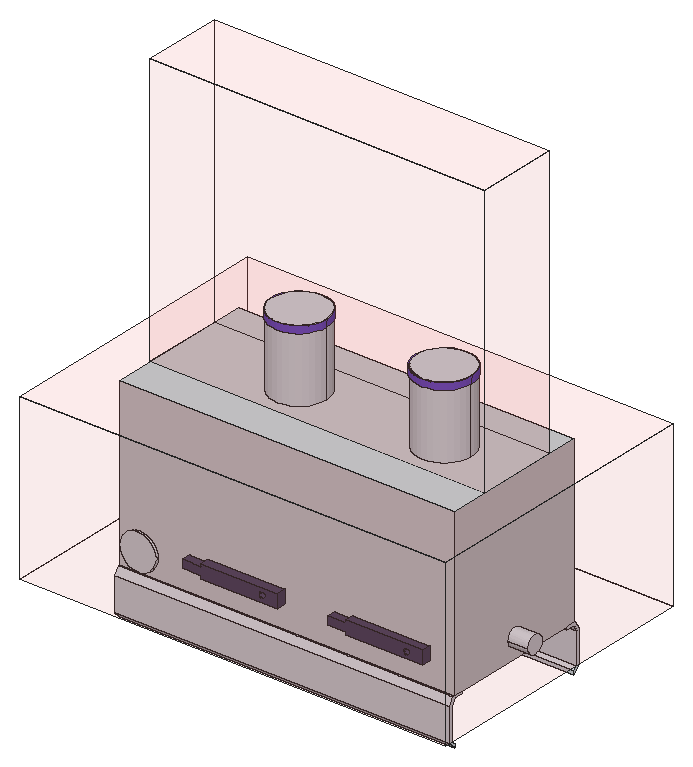
Revit family "DATABAR Double Outlet Tap Off Unit", category Electrical Equipment, host Face, Revit 2018
Family settings
  Host = Face
  Panel Configuration = Two Columns, Circuits Across
  Round Connector Dimension = Use Diameter
  Part Type = Panelboard
  OmniClass Number = 23.80.30.11.17
  OmniClass Title = Distribution Boards and Control Panels
  Cut with Voids When Loaded = No
  Shared = No
  Room Calculation Point = No
Parameters (values of type "Double Outlet 63A - TP&Meter")
  Version = "A"  # constant formula
  URL = "https://anordmardix.com/products/iec/busbar-busway/databar/"
  Tier 3 [instance] = no
  Tier 2 [instance] = no
  Tier 1 [instance] = no
  Manufacturer = "Anord Mardix"  # constant formula
  Handle 3 Visible = yes
  Handle 2 Visible = no
  Handle 1 Visible = yes
  Description = "Tap Off Unit, Double Outlet, 32A, TP&Meter"
  Default Elevation = 0 mm
  Databar System Name [instance] = ""
  Clearance Distance [instance] = 50 mm  # constant formula
  Clearance Area [instance] = yes
  AMG_Tap_Off_Width = 165 mm  # constant formula
  AMG_Tap_Off_Socket_Height = 80 mm
  AMG_Tap_Off_Length = 370 mm
  AMG_Tap_Off_Height = 182 mm
  AMG_Socket2 Dist = 130 mm
  AMG_Socket1 Dist = 80 mm
Types (12, lengths in mm): name | Handle 3 Visible | Handle 2 Visible | Description | AMG_Tap_Off_Socket_Height | AMG_Tap_Off_Length | AMG_Tap_Off_Height | AMG_Socket2 Dist | AMG_Socket1 Dist
  Double Outlet 16A - SP | no | yes | "Tap Off Unit, Double Outlet, 16A, SP" | 55 | 290 | 98 | 100 | 50
  Double Outlet 32A - SP | no | yes | "Tap Off Unit, Double Outlet, 32A, SP" | 64 | 290 | 98 | 100 | 50
  Double Outlet 63A - SP | no | yes | "Tap Off Unit, Double Outlet, 63A, SP" | 80 | 290 | 98 | 100 | 50
  Double Outlet 16A - TP | yes | no | "Tap Off Unit, Double Outlet, 16A, TP" | 55 | 370 | 98 | 130 | 80
  Double Outlet 32A - TP | yes | no | "Tap Off Unit, Double Outlet, 32A, TP" | 64 | 370 | 98 | 130 | 80
  Double Outlet 63A - TP | yes | no | "Tap Off Unit, Double Outlet, 63A, TP" | 80 | 370 | 98 | 130 | 80
  Double Outlet 16A - SP&Meter | yes | no | "Tap Off Unit, Double Outlet, 16A, SP&Meter" | 55 | 370 | 98 | 130 | 80
  Double Outlet 32A - SP&Meter | yes | no | "Tap Off Unit, Double Outlet, 32A, SP&Meter" | 64 | 370 | 98 | 130 | 80
  Double Outlet 63A - SP&Meter | yes | no | "Tap Off Unit, Double Outlet, 63A, SP&Meter" | 80 | 370 | 98 | 130 | 80
  Double Outlet 16A - TP&Meter | yes | no | "Tap Off Unit, Double Outlet, 16A, TP&Meter" | 55 | 370 | 182 | 130 | 80
  Double Outlet 32A - TP&Meter | yes | no | "Tap Off Unit, Double Outlet, 32A, TP&Meter" | 64 | 370 | 182 | 130 | 80
  Double Outlet 63A - TP&Meter | yes | no | "Tap Off Unit, Double Outlet, 32A, TP&Meter" | 80 | 370 | 182 | 130 | 80
Reference planes
  plane 1 "Center (Front/Back)": y = 0
  plane 2: z = 0
  plane 3 "Center (Left/Right)": x = 0
  plane 4: x = 370
  plane 5: y = 165
  plane 6: z = 182
  plane 7: x = 290
  plane 8: x = 130
  plane 9: z = 262
  plane 10: x = 420
  plane 11: x = -50
  plane 12: z = 312
  plane 13: x = 42
  plane 14: z = 23
  plane 15: x = 393
  plane 16: x = 185
Forms (mm)
  Extrusion 1, solid, material "AMG_Casing"
    sketch origin (0, 0, 0) x (1, 0, 0) y (0, 1, 0)
      loop
        line (0, 0) -> (370, 0) -> (370, 165) -> (0, 165) -> (0, 0)
    from 0 to 182
  Extrusion 2, solid, detail levels fine
    sketch origin (0.936, 82.5, -50.125) x (0, 1, 0) y (0, 0, 1)
      loop
        line (82.5, 2.316) -> (82.5, -1.277) -> (89.248, 5.471) -> (89.248, 41.814) -> (84.449, 50.125) -> (72.919, 50.125) -> (72.919, 47.72) -> (82.044, 47.72) -> (86.092, 40.709) -> (86.092, 5.908) -> (82.5, 2.316)
      loop
        line (-82.5, 2.316) -> (-86.092, 5.908) -> (-86.092, 40.709) -> (-82.044, 47.72) -> (-72.919, 47.72) -> (-72.919, 50.125) -> (-84.449, 50.125) -> (-89.248, 41.814) -> (-89.248, 5.471) -> (-82.5, -1.277) -> (-82.5, 2.316)
    from -0.936 to 369.064
  Extrusion 3, solid
    sketch origin (105.392, 0, 0.196) x (1, 0, 0) y (0, 0, 1)
      loop
        circle (-83.392, 21.055) r 20
    from 0 to 2
  Extrusion 4, solid
    sketch origin (0, -10.293, -12.172) x (0, 1, 0) y (0, 0, 1)
      loop
        circle (92.791, 35.172) r 9.6
    from 370 to 393
Dimensions and locks
  "AMG_Tap_Off_Length": plane 3 "Center (Left/Right)" to plane 4
  "AMG_Tap_Off_Width": plane 5 to plane 1 "Center (Front/Back)"
  "AMG_Tap_Off_Height": plane 6 to level
  "AMG_Socket1 Dist": plane 4 to plane 7
  "AMG_Socket2 Dist": plane 8 to plane 3 "Center (Left/Right)"
  "AMG_Tap_Off_Socket_Height": plane 9 to plane 6
  "Clearance Distance": plane 4 to plane 10
  "Clearance Distance": plane 11 to plane 3 "Center (Left/Right)"
  "Clearance Distance": plane 12 to plane 9
  locked: plane 13 to plane 3 "Center (Left/Right)" at 42
  locked: plane 4 to plane 15 at 23
  equal spacing: plane 3 "Center (Left/Right)", plane 16, plane 4
  aligned and locked: plane 2 to host face
  aligned and locked: level to host face
  aligned and locked: Extrusion 1 to plane 3 "Center (Left/Right)"
  aligned and locked: Extrusion 1 to plane 4
  aligned and locked: plane 5 to Extrusion 1
  aligned and locked: plane 6 to Extrusion 1
  aligned and locked: Extrusion 2 to plane 4
  aligned and locked: Extrusion 2 to plane 3 "Center (Left/Right)"
  aligned and locked: plane 8 to nested 1
  aligned and locked: nested 1 to plane 6
  aligned and locked: plane 7 to nested 2
  aligned and locked: nested 3 to plane 8
  aligned and locked: nested 3 to plane 1 "Center (Front/Back)"
  aligned and locked: nested 2 to plane 6
  aligned and locked: nested 4 to plane 8
  aligned and locked: nested 5 to plane 7
  aligned and locked: text3d elem to plane 7
  aligned and locked: text3d elem to text3d elem
  aligned and locked: plane 11 to nested 6
  aligned and locked: nested 6 to plane 10
  aligned and locked: plane 6 to nested 6
  aligned and locked: nested 7 to plane 6
  aligned and locked: nested 7 to plane 4
  aligned and locked: plane 13 to Extrusion 3
  aligned and locked: plane 14 to Extrusion 4
  aligned and locked: Extrusion 4 to plane 15
  aligned and locked: plane 4 to Extrusion 4
  aligned and locked: plane 3 "Center (Left/Right)" to nested 8
  aligned and locked: plane 3 "Center (Left/Right)" to nested 9
  aligned and locked: plane 3 "Center (Left/Right)" to nested 10
  aligned and locked: nested 8 to plane 4
  aligned and locked: nested 9 to plane 4
  aligned and locked: nested 10 to plane 4
  aligned and locked: plane 8 to nested 11
  aligned and locked: plane 7 to nested 12
Automatic sketch dimensions
  host sketch curve to host sketch curve = 2438.4 mm
  host sketch curve to host sketch curve = 165 mm
  Extrusion 1 sketch curve to plane 3 "Center (Left/Right)" = 0 mm
  Extrusion 1 sketch curve to plane 4 = 0 mm
  plane 1 "Center (Front/Back)" to Extrusion 1 sketch curve = 0 mm
  Extrusion 1 sketch curve to plane 5 = 0 mm
  plane 1 "Center (Front/Back)" to Extrusion 2 sketch curve = 6.748 mm
  Extrusion 2 sketch curve to Extrusion 2 sketch curve = 3.156 mm  (x2)
  level to Extrusion 2 sketch curve = 0 mm  (x2)
  plane 1 "Center (Front/Back)" to Extrusion 2 sketch curve = 1.949 mm
  Extrusion 2 sketch curve to plane 1 "Center (Front/Back)" = 0 mm
  Extrusion 2 sketch curve to plane 1 "Center (Front/Back)" = 0.456 mm
  Extrusion 2 sketch curve to Extrusion 2 sketch curve = 9.125 mm
  Extrusion 2 sketch curve to plane 5 = 9.581 mm
  Extrusion 2 sketch curve to plane 5 = 0.456 mm
  plane 5 to Extrusion 2 sketch curve = 0 mm
  plane 5 to Extrusion 2 sketch curve = 1.949 mm
  plane 5 to Extrusion 2 sketch curve = 3.592 mm
  Extrusion 2 sketch curve to level = 2.405 mm  (x2)
  Extrusion 2 sketch curve to level = 8.311 mm  (x2)
  Extrusion 2 sketch curve to Extrusion 2 sketch curve = 1.105 mm  (x2)
  Extrusion 2 sketch curve to Extrusion 2 sketch curve = 34.802 mm  (x2)
  Extrusion 2 sketch curve to Extrusion 2 sketch curve = 0.437 mm  (x2)
  Extrusion 2 sketch curve to Extrusion 2 sketch curve = 3.592 mm  (x2)
  Extrusion 2 sketch curve to Extrusion 2 sketch curve = 3.593 mm  (x2)
  plane 3 "Center (Left/Right)" to Extrusion 3 sketch curve = 22 mm
  level to Extrusion 3 sketch curve = 21.25 mm
  level to Extrusion 4 sketch curve = 23 mm
  Extrusion 4 sketch curve to plane 5 = 82.502 mm
  radius of Extrusion 3 sketch curve = 20 mm
  radius of Extrusion 4 sketch curve = 9.6 mm
Nested families
  nested 1: "Commando Socket" at (130, 85.419, 182), AMG_Tap_Off_Socket_Height <- "AMG_Tap_Off_Socket_Height", type "Commando Socket"
    with AMG_Tap_Off_Socket_Height 80 mm
  nested 2: "Commando Socket" at (290, 85.419, 182), AMG_Tap_Off_Socket_Height <- "AMG_Tap_Off_Socket_Height", type "Commando Socket"
    with AMG_Tap_Off_Socket_Height 80 mm
  nested 3: "Tap off Handle" at (77.5, -9.765, 25), visible <- "Handle 1 Visible", type "Tap off Handle", detail levels medium+fine
  nested 4: "Tap off Handle" at (77.5, -9.765, 41.25), visible <- "Handle 2 Visible", type "Tap off Handle", detail levels medium+fine
  nested 5: "Tap off Handle" at (237.5, -9.765, 25), visible <- "Handle 3 Visible", type "Tap off Handle", detail levels medium+fine
  nested 6: "AMG_Clearance Zone" at (-50, -75, 182), Clearance Height <- "AMG_Tap_Off_Height", type "AMG_Clearance Zone"
    with Clearance Width 470 mm, Clearance Height 182 mm, Clearance Depth 314.917 mm
  nested 7: "AMG_Clearance Zone" at (0, 42.049, 482), Clearance Width <- "AMG_Tap_Off_Length", type "AMG_Clearance Zone"
    with Clearance Width 370 mm, Clearance Height 300 mm, Clearance Depth 89.097 mm
  nested 8: "Tier 1 Symbol" at (185, 82.5, 0), visible <- "Tier 1", type "Tier 1 Symbol"
    with Symbol Width 165 mm, Symbol Length 370 mm
  nested 9: "Tier 2 Symbol" at (185, 82.5, 0), visible <- "Tier 2", type "Tier 2 Symbol"
    with Symbol Width 165 mm, Symbol Length 370 mm
  nested 10: "Tier 3 Symbol" at (185, 82.5, 0), visible <- "Tier 3", type "Tier 3 Symbol"
    with Symbol Width 165 mm, Symbol Length 370 mm
  nested 11: "Single Commando symbol" at (130, 45, 0), type "Single Commando symbol"
    with Symbol Width 400 mm, Symbol Length 1320 mm
  nested 12: "Single Commando symbol" at (290, 45, 0), type "Single Commando symbol"
    with Symbol Width 400 mm, Symbol Length 1320 mm
Connectors
  electrical at (130, 85.419, 262)
    settings: on nested 1, index 1, voltage 0 V, apparent load 0 VA, apparent load phase1 0 VA, apparent load phase2 0 VA, apparent load phase3 0 VA, power factor 1, load classification "Other", number of poles 1, system type 31, power factor state 1, is connector primary yes, connector utility no, sub classification motor no, connector description ""
  electrical at (290, 85.419, 262)
    settings: on nested 2, index 2, voltage 0 V, apparent load 0 VA, apparent load phase1 0 VA, apparent load phase2 0 VA, apparent load phase3 0 VA, power factor 1, load classification "Other", number of poles 1, system type 31, power factor state 1, is connector primary no, connector utility no, sub classification motor no, connector description ""
Definition of nested family "Commando Socket"
  Parameters (values of type "Commando Socket")
    AMG_Tap_Off_Socket_Height [instance] = 305.003 mm
    AMG_Tap_Off_Commando_Blue = none
  Reference planes
    plane 1 "Center (Front/Back)": y = 0
    plane 2: z = 0
    plane 3 "Center (Left/Right)": x = 0
    plane 4: z = 305.003
  Forms (mm)
    Extrusion 1, solid
      sketch origin (0, 0, 0) x (1, 0, 0) y (0, 1, 0)
        loop
          circle (0, 0) r 30
      from 0 to 305.003
    Extrusion 2, solid
      sketch origin (0, 0, 0) x (1, 0, 0) y (0, 1, 0)
        loop
          circle (0, 0) r 31
      from 297.567 to 305.003
  Lines and regions (mm)
    reference lines
      curve 1: line (0, 30, 0) -> (0, -31, 0)
      curve 2: line (0, 0, 305.003) -> (0, 0, 0)
  Dimensions and locks
    "AMG_Tap_Off_Socket_Height": plane 4 to level
    locked: plane 4 to Extrusion 2 at 7.436
    aligned and locked: level to plane 2
    aligned and locked: plane 4 to Extrusion 1
    aligned and locked: plane 4 to Extrusion 2
    aligned and locked: plane 4 to curve 2
  Automatic sketch dimensions
    plane 1 "Center (Front/Back)" to Extrusion 1 sketch curve = 0 mm
    Extrusion 1 sketch curve to plane 3 "Center (Left/Right)" = 0 mm
    curve 2 to level = 0 mm
    curve 2 to plane 3 "Center (Left/Right)" = 0 mm
    plane 1 "Center (Front/Back)" to Extrusion 2 sketch curve = 0 mm
    Extrusion 2 sketch curve to plane 3 "Center (Left/Right)" = 0 mm
    curve 1 to plane 3 "Center (Left/Right)" = 0 mm
    plane 1 "Center (Front/Back)" to curve 1 = 31 mm
    curve 1 to plane 1 "Center (Front/Back)" = 30 mm
    radius of Extrusion 1 sketch curve = 30 mm
    radius of Extrusion 2 sketch curve = 31 mm
Definition of nested family "Tap off Handle"
  Reference planes
    plane 1 "Center (Front/Back)": y = 0
    plane 2: z = 0
    plane 3 "Center (Left/Right)": x = 0
  Forms (mm)
    Extrusion 1, solid, detail levels fine
      sketch origin (113.026, 93.258, -23.535) x (-1, 0, 0) y (0, 0, -1)
        loop
          line (8.026, -23.535) -> (8.026, -38.535) -> (92.622, -38.535) -> (92.622, -35.491) -> (113.026, -35.491) -> (113.026, -26.579) -> (92.622, -26.579) -> (92.622, -23.535) -> (8.026, -23.535)
        loop
          circle (24.973, -30.879) r 3.46
      from 83.493 to 93.258
  Lines and regions (mm)
    reference lines
      curve 1: line (52.5, 9.765, 0) -> (52.5, 0, 0)
      curve 2: line (0, 0, 7.5) -> (105, 0, 7.5)
  Dimensions and locks
    aligned and locked: level to plane 2
Definition of nested family "AMG_Clearance Zone"
  Parameters (values of type "AMG_Clearance Zone")
    Clearance Width [instance] = 1768.367 mm
    Clearance Height [instance] = 1507.908 mm
    Clearance Depth [instance] = 1507.908 mm
  Reference planes
    plane 1 "Center (Front/Back)": y = 0
    plane 2: z = 0
    plane 3 "Center (Left/Right)": x = 0
    plane 4: x = 1768.367
    plane 5: y = 1507.908
    plane 6: z = -1507.908
  Forms (mm)
    Extrusion 1, solid
      sketch origin (0, 0, 0) x (1, 0, 0) y (0, 1, 0)
        loop
          line (0, 0) -> (1768.367, 0) -> (1768.367, 1507.908) -> (0, 1507.908) -> (0, 0)
      from 0 to -1507.908
  Dimensions and locks
    "Clearance Height": level to plane 6
    "Clearance Width": plane 4 to plane 3 "Center (Left/Right)"
    "Clearance Depth": plane 5 to plane 1 "Center (Front/Back)"
    aligned and locked: level to plane 2
    aligned and locked: plane 1 "Center (Front/Back)" to Extrusion 1 sketch curve
    aligned and locked: Extrusion 1 sketch curve to plane 3 "Center (Left/Right)"
    aligned and locked: plane 5 to Extrusion 1
    aligned and locked: Extrusion 1 to plane 4
    aligned and locked: plane 6 to Extrusion 1
  Automatic sketch dimensions
    Extrusion 1 sketch curve to plane 4 = 0 mm
    Extrusion 1 sketch curve to plane 5 = 0 mm
Definition of nested family "Tier 1 Symbol"
  Parameters (values of type "Tier 1 Symbol")
    Symbol Width [instance] = 400 mm
    Symbol Length [instance] = 1320 mm
  Reference planes
    plane 1 "Center (Front/Back)": y = 0
    plane 2: z = 0
    plane 3 "Center (Left/Right)": x = 0
    plane 4: y = 200
    plane 5: y = -200
    plane 6: x = -660
    plane 7: x = 660
  Lines and regions (mm)
    Filled region 1, type "Solid", in view "Ref. Level"
      outline origin (0, 0, 0) x (1, 0, 0) y (0, 1, 0)
        loop
          line (-660, 200) -> (-660, -200) -> (660, -200) -> (660, 200) -> (-660, 200)
    detail lines, in view "Ref. Level"
      curve 1: line (-660, 200, 0) -> (660, 200, 0)
      curve 2: line (-660, -200, 0) -> (-660, 200, 0)
      curve 3: line (660, -200, 0) -> (-660, -200, 0)
      curve 4: line (660, 200, 0) -> (660, -200, 0)
  Dimensions and locks
    equal spacing: plane 4, plane 1 "Center (Front/Back)", plane 5
    "Symbol Length": plane 6 to plane 7
    equal spacing: plane 6, plane 3 "Center (Left/Right)", plane 7
    "Symbol Width": plane 4 to plane 5
    aligned and locked: plane 7 to Filled region 1
    aligned and locked: Filled region 1 to plane 5
    aligned and locked: Filled region 1 to plane 6
    aligned and locked: plane 4 to Filled region 1
    aligned and locked: plane 6 to curve 2
    aligned and locked: curve 4 to plane 7
    aligned and locked: plane 5 to curve 3
    aligned and locked: curve 1 to plane 4
  Automatic sketch dimensions
    plane 5 to Filled region 1 sketch curve = 0 mm
    Filled region 1 sketch curve to plane 3 "Center (Left/Right)" = 660 mm
    Filled region 1 sketch curve to plane 7 = 0 mm
    Filled region 1 sketch curve to plane 4 = 0 mm
Definition of nested family "Tier 2 Symbol"
  Parameters (values of type "Tier 2 Symbol")
    Symbol Width [instance] = 400 mm
    Symbol Length [instance] = 1320 mm
  Reference planes
    plane 1 "Center (Front/Back)": y = 0
    plane 2: z = 0
    plane 3 "Center (Left/Right)": x = 0
    plane 4: y = 200
    plane 5: y = -200
    plane 6: x = -660
    plane 7: x = 660
  Lines and regions (mm)
    Filled region 1, type "Tier 2", in view "Ref. Level"
      outline origin (0, 0, 0) x (1, 0, 0) y (0, 1, 0)
        loop
          line (-660, 200) -> (-660, -200) -> (660, -200) -> (660, 200) -> (-660, 200)
    detail lines, in view "Ref. Level"
      curve 1: line (-660, 200, 0) -> (660, 200, 0)
      curve 2: line (-660, -200, 0) -> (-660, 200, 0)
      curve 3: line (660, -200, 0) -> (-660, -200, 0)
      curve 4: line (660, 200, 0) -> (660, -200, 0)
  Dimensions and locks
    equal spacing: plane 4, plane 1 "Center (Front/Back)", plane 5
    "Symbol Length": plane 6 to plane 7
    equal spacing: plane 6, plane 3 "Center (Left/Right)", plane 7
    "Symbol Width": plane 4 to plane 5
    aligned and locked: plane 7 to Filled region 1
    aligned and locked: Filled region 1 to plane 5
    aligned and locked: Filled region 1 to plane 6
    aligned and locked: plane 4 to Filled region 1
    aligned and locked: plane 6 to curve 2
    aligned and locked: curve 4 to plane 7
    aligned and locked: plane 5 to curve 3
    aligned and locked: curve 1 to plane 4
  Automatic sketch dimensions
    plane 5 to Filled region 1 sketch curve = 0 mm
    Filled region 1 sketch curve to plane 3 "Center (Left/Right)" = 660 mm
    Filled region 1 sketch curve to plane 7 = 0 mm
    Filled region 1 sketch curve to plane 4 = 0 mm
Definition of nested family "Tier 3 Symbol"
  Parameters (values of type "Tier 3 Symbol")
    Symbol Width [instance] = 400 mm
    Symbol Length [instance] = 1320 mm
  Reference planes
    plane 1 "Center (Front/Back)": y = 0
    plane 2: z = 0
    plane 3 "Center (Left/Right)": x = 0
    plane 4: y = 200
    plane 5: y = -200
    plane 6: x = -660
    plane 7: x = 660
  Lines and regions (mm)
    Filled region 1, type "Tier 3", in view "Ref. Level"
      outline origin (0, 0, 0) x (1, 0, 0) y (0, 1, 0)
        loop
          line (-660, 200) -> (-660, -200) -> (660, -200) -> (660, 200) -> (-660, 200)
    detail lines, in view "Ref. Level"
      curve 1: line (-660, 200, 0) -> (660, 200, 0)
      curve 2: line (-660, -200, 0) -> (-660, 170, 0)
      curve 3: line (660, -200, 0) -> (-660, -200, 0)
      curve 4: line (660, 200, 0) -> (660, -200, 0)
  Dimensions and locks
    equal spacing: plane 4, plane 1 "Center (Front/Back)", plane 5
    "Symbol Length": plane 6 to plane 7
    equal spacing: plane 6, plane 3 "Center (Left/Right)", plane 7
    "Symbol Width": plane 4 to plane 5
    aligned and locked: plane 7 to Filled region 1
    aligned and locked: Filled region 1 to plane 5
    aligned and locked: Filled region 1 to plane 6
    aligned and locked: plane 4 to Filled region 1
    aligned and locked: plane 6 to curve 2
    aligned and locked: curve 4 to plane 7
    aligned and locked: plane 5 to curve 3
    aligned and locked: curve 1 to plane 4
  Automatic sketch dimensions
    plane 5 to Filled region 1 sketch curve = 0 mm
    Filled region 1 sketch curve to plane 3 "Center (Left/Right)" = 660 mm
    Filled region 1 sketch curve to plane 7 = 0 mm
    Filled region 1 sketch curve to plane 4 = 0 mm
    curve 1 to plane 6 = 0 mm
    curve 2 to curve 1 = 30 mm
Definition of nested family "Single Commando symbol"
  Parameters (values of type "Single Commando symbol")
    Symbol Width [instance] = 400 mm
    Symbol Length [instance] = 1320 mm
  Reference planes
    plane 1 "Center (Front/Back)": y = 0
    plane 2: z = 0
    plane 3 "Center (Left/Right)": x = 0
  Lines and regions (mm)
    detail lines, in view "Ref. Level"
      curve 1: line (-30, -30, 0) -> (30, -30, 0)
      curve 2: line (-30, 30, 0) -> (-30, -30, 0)
      curve 3: line (30, 30, 0) -> (-30, 30, 0)
      curve 4: line (30, -30, 0) -> (30, 30, 0)
      curve 5: line (0, 30, 0) -> (0, 60, 0)
      curve 6: line (-30, -30, 0) -> (30, 30, 0)
      curve 7: line (0, 60, 0) -> (30, 60, 0)
